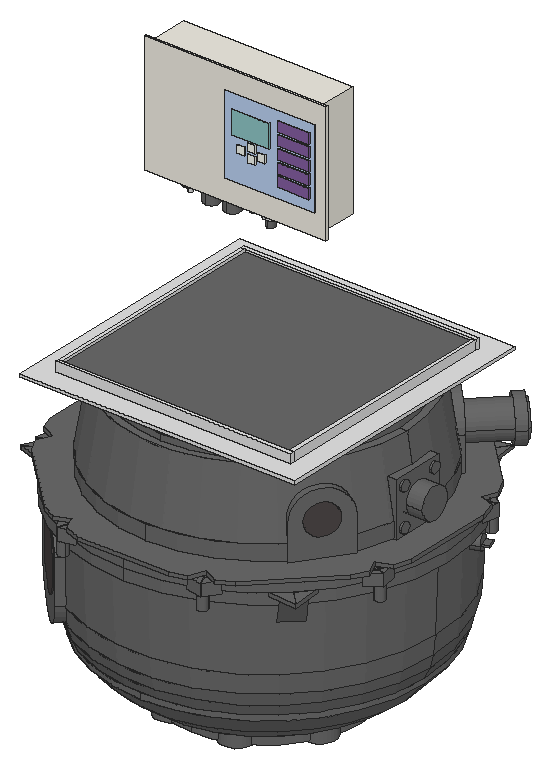
Revit family "280530s (200)", category Generic Models, Revit 2021 (continued)
Definition of nested family "280530s (200)_part2_X0Y0"
  Definition of nested family "280530s (200)_part2_content"
    Forms (mm)
      Extrusion 31, solid, detail levels medium+fine
        sketch origin (0, -33.5, 393.75) x (0, 1, 0) y (0, 0, 1)
          loop
            circle (0, 0) r 8
        from 0 to 250
      Extrusion 32, solid, detail levels medium+fine
        sketch origin (0, 0, 375.25) x (0.573577, 0.819152, 0) y (0, 0, 1)
          loop
            line (-45, 0) -> (-45, -55.25) -> (45, -55.25) -> (45, 0)
            arc (45, 0) -> (0, 45) -> (-45, 0) r 45
        from 0 to 245.5
      Extrusion 33, solid, detail levels medium+fine
        sketch origin (199.464, -139.666, 375.25) x (0.573577, 0.819152, 0) y (0, 0, 1)
          loop
            circle (0, 0) r 25
        from 0 to 2.25
      Extrusion 34, solid, detail levels medium+fine
        sketch origin (-53.002, 127.957, 0) x (-0.92388, -0.382683, 0) y (0.382683, -0.92388, 0)
          loop
            circle (0, 0) r 25
        from 0 to 28.5
      Extrusion 35, solid, detail levels medium+fine
        sketch origin (-127.957, -53.002, 0) x (0.382683, -0.92388, 0) y (0.92388, 0.382683, 0)
          loop
            circle (0, 0) r 25
        from 0 to 28.5
      Extrusion 36, solid, detail levels medium+fine
        sketch origin (53.002, -127.957, 0) x (0.92388, 0.382683, 0) y (-0.382683, 0.92388, 0)
          loop
            circle (0, 0) r 25
        from 0 to 28.5
      Extrusion 37, solid, detail levels medium+fine
        sketch origin (53.002, 127.957, 0) x (-0.923879, 0.382684, 0) y (-0.382684, -0.923879, 0)
          loop
            circle (0, 0) r 25
        from 0 to 28.5
      Extrusion 38, solid, detail levels medium+fine
        sketch origin (-127.957, 53.002, 0) x (-0.382684, -0.923879, 0) y (0.923879, -0.382684, 0)
          loop
            circle (0, 0) r 25
        from 0 to 28.5
      Extrusion 39, solid, detail levels medium+fine
        sketch origin (-53.002, -127.957, 0) x (0.923879, -0.382684, 0) y (0.382684, 0.923879, 0)
          loop
            circle (0, 0) r 25
        from 0 to 28.5
      Extrusion 40, solid, detail levels medium+fine
        sketch origin (127.957, -53.002, 0) x (0.382684, 0.923879, 0) y (-0.923879, 0.382684, 0)
          loop
            circle (0, 0) r 25
        from 0 to 28.5
      Extrusion 41, solid, detail levels medium+fine
        sketch origin (127.957, 53.002, 0) x (-0.382683, 0.92388, 0) y (-0.92388, -0.382683, 0)
          loop
            circle (0, 0) r 25
        from 0 to 28.5
      Extrusion 42, solid, detail levels medium+fine
        sketch origin (0, 0, 209) x (0, -1, 0) y (0, 0, 1)
          loop
            line (-72.693, 35.337) -> (-68.918, -37.767)
            arc (-68.918, -37.767) -> (-63.198, -56.139) -> (-50.593, -70.678) r 46.983
            line (-50.593, -70.678) -> (-49.193, -71.697)
            arc (-49.193, -71.697) -> (-25.794, -83.147) -> (0, -86.788) r 83.079
            arc (0, -86.788) -> (25.794, -83.147) -> (49.193, -71.697) r 83.079
            line (49.193, -71.697) -> (50.593, -70.678)
            arc (50.593, -70.678) -> (63.198, -56.139) -> (68.918, -37.767) r 46.983
            line (68.918, -37.767) -> (72.693, 35.337)
            arc (72.693, 35.337) -> (71.616, 38.805) -> (69.783, 41.939) r 15.989
            arc (69.783, 41.939) -> (60.032, 51.336) -> (48.652, 58.679) r 69.984
            line (48.652, 58.679) -> (47.252, 59.417)
            arc (47.252, 59.417) -> (24.369, 68.322) -> (0, 71.344) r 99.373
            arc (0, 71.344) -> (-24.369, 68.322) -> (-47.252, 59.417) r 99.373
            line (-47.252, 59.417) -> (-48.652, 58.679)
            arc (-48.652, 58.679) -> (-60.032, 51.336) -> (-69.783, 41.939) r 69.984
            arc (-69.783, 41.939) -> (-71.616, 38.805) -> (-72.693, 35.337) r 15.989
        from 0 to 277.5
      Extrusion 43, solid, detail levels medium+fine
        sketch origin (0, 0, 209) x (0, -1, 0) y (0, 0, 1)
          loop
            circle (0, 0) r 55
        from 0 to 326
      Extrusion 44, solid, detail levels medium+fine
        sketch origin (0, 0, 209) x (0.707107, -0.707107, 0) y (0, 0, 1)
          loop
            line (-72.693, 35.337) -> (-68.918, -37.767)
            arc (-68.918, -37.767) -> (-63.198, -56.139) -> (-50.593, -70.678) r 46.983
            line (-50.593, -70.678) -> (-49.193, -71.697)
            arc (-49.193, -71.697) -> (-25.794, -83.147) -> (0, -86.788) r 83.079
            arc (0, -86.788) -> (25.794, -83.147) -> (49.193, -71.697) r 83.079
            line (49.193, -71.697) -> (50.593, -70.678)
            arc (50.593, -70.678) -> (63.198, -56.139) -> (68.918, -37.767) r 46.983
            line (68.918, -37.767) -> (72.693, 35.337)
            arc (72.693, 35.337) -> (71.616, 38.805) -> (69.783, 41.939) r 15.989
            arc (69.783, 41.939) -> (60.032, 51.336) -> (48.652, 58.679) r 69.984
            line (48.652, 58.679) -> (47.252, 59.417)
            arc (47.252, 59.417) -> (24.369, 68.322) -> (0, 71.344) r 99.373
            arc (0, 71.344) -> (-24.369, 68.322) -> (-47.252, 59.417) r 99.373
            line (-47.252, 59.417) -> (-48.652, 58.679)
            arc (-48.652, 58.679) -> (-60.032, 51.336) -> (-69.783, 41.939) r 69.984
            arc (-69.783, 41.939) -> (-71.616, 38.805) -> (-72.693, 35.337) r 15.989
        from 0 to 277.5
      Extrusion 45, solid, detail levels medium+fine
        sketch origin (0, 0, 209) x (-0.707107, -0.707107, 0) y (0, 0, 1)
          loop
            line (-72.693, 35.337) -> (-68.918, -37.767)
            arc (-68.918, -37.767) -> (-63.198, -56.139) -> (-50.593, -70.678) r 46.983
            line (-50.593, -70.678) -> (-49.193, -71.697)
            arc (-49.193, -71.697) -> (-25.794, -83.147) -> (0, -86.788) r 83.079
            arc (0, -86.788) -> (25.794, -83.147) -> (49.193, -71.697) r 83.079
            line (49.193, -71.697) -> (50.593, -70.678)
            arc (50.593, -70.678) -> (63.198, -56.139) -> (68.918, -37.767) r 46.983
            line (68.918, -37.767) -> (72.693, 35.337)
            arc (72.693, 35.337) -> (71.616, 38.805) -> (69.783, 41.939) r 15.989
            arc (69.783, 41.939) -> (60.032, 51.336) -> (48.652, 58.679) r 69.984
            line (48.652, 58.679) -> (47.252, 59.417)
            arc (47.252, 59.417) -> (24.369, 68.322) -> (0, 71.344) r 99.373
            arc (0, 71.344) -> (-24.369, 68.322) -> (-47.252, 59.417) r 99.373
            line (-47.252, 59.417) -> (-48.652, 58.679)
            arc (-48.652, 58.679) -> (-60.032, 51.336) -> (-69.783, 41.939) r 69.984
            arc (-69.783, 41.939) -> (-71.616, 38.805) -> (-72.693, 35.337) r 15.989
        from 0 to 277.5
      Extrusion 46, solid, detail levels medium+fine
        sketch origin (-194.808, -194.808, 209) x (0.707107, -0.707107, 0) y (0, 0, 1)
          loop
            circle (0, 0) r 50.1
        from 0 to 2.25
      Extrusion 47, solid, detail levels medium+fine
        sketch origin (-194.808, 194.808, 209) x (-0.707107, -0.707107, 0) y (0, 0, 1)
          loop
            circle (0, 0) r 50.1
        from 0 to 2.25
      Extrusion 48, solid, detail levels medium+fine
        sketch origin (3.25, -5.129, 264.5) x (-0.34202, 0.939693, 0) y (0, 0, 1)
          loop
            circle (0, 0) r 11
        from 0 to 288
      Extrusion 49, solid, detail levels medium+fine
        sketch origin (7.75, -12.923, 263) x (-0.34202, 0.939693, 0) y (0, 0, 1)
          loop
            line (0, 3) -> (0, 0) -> (18, 0) -> (18, 3) -> (0, 3)
        from 0 to 298
      Extrusion 50, solid, detail levels medium+fine
        sketch origin (272.082, 112.7, 273) x (-0.382683, 0.92388, 0) y (-0.92388, -0.382683, 0)
          loop
            circle (0, 0) r 7.75
        from 0 to 21.5
      Extrusion 51, solid, detail levels medium+fine
        sketch origin (265.153, 109.83, 314) x (0.92388, 0.382683, 0) y (0.382683, -0.92388, 0)
          loop
            line (17, 0) -> (0, 0) -> (0, -25) -> (17, 0)
        from 0 to 19.5
      Extrusion 52, solid, detail levels medium+fine
        sketch origin (265.153, 109.83, 294.5) x (0.382683, -0.92388, 0) y (0.92388, 0.382683, 0)
          loop
            line (0, 17) -> (0, 0) -> (25, 0) -> (0, 17)
        from 0 to 19.5
      Extrusion 53, solid, detail levels medium+fine
        sketch origin (220.165, 220.165, 370) x (-0.707107, 0.707107, 0) y (0, 0, 1)
          loop
            circle (0, 0) r 34.75
        from 0 to 15.7
      Extrusion 54, solid, detail levels medium+fine
        sketch origin (230.559, 230.559, 370) x (-0.707107, 0.707107, 0) y (0, 0, 1)
          loop
            circle (0, 0) r 27.7
        from 0 to 4.8
      Extrusion 55, solid, detail levels medium+fine
        sketch origin (232.539, 232.539, 370) x (-0.707107, 0.707107, 0) y (0, 0, 1)
          loop
            circle (0, 0) r 20
        from 0 to 2.2
      Extrusion 56, solid, detail levels medium+fine
        sketch origin (225.609, 239.752, 364) x (-0.707107, 0.707107, 0) y (0, 0, 1)
          loop
            circle (0, 0) r 4.2
        from 0 to 2.3
      Extrusion 57, solid, detail levels medium+fine
        sketch origin (239.752, 225.609, 364) x (-0.707107, 0.707107, 0) y (0, 0, 1)
          loop
            circle (0, 0) r 4.2
        from 0 to 2.3
      Extrusion 58, solid, detail levels medium+fine
        sketch origin (239.752, 225.609, 376) x (-0.707107, 0.707107, 0) y (0, 0, 1)
          loop
            circle (0, 0) r 4.2
        from 0 to 2.3
      Extrusion 59, solid, detail levels medium+fine
        sketch origin (225.609, 239.752, 376) x (-0.707107, 0.707107, 0) y (0, 0, 1)
          loop
            circle (0, 0) r 4.2
        from 0 to 2.3
      Extrusion 60, solid, detail levels medium+fine
        sketch origin (-259.107, -87.843, 294.5) x (-0.92388, -0.382683, 0) y (0, 0, -1)
          loop
            line (0, 48.5) -> (0, 0) -> (29.9, 0) -> (0, 48.5)
        from 0 to 36
      Extrusion 61, solid, detail levels medium+fine
        sketch origin (-272.082, -112.7, 273) x (0.382683, -0.92388, 0) y (0.92388, 0.382683, 0)
          loop
            circle (0, 0) r 7.75
        from 0 to 21.5
      Extrusion 62, solid, detail levels medium+fine
        sketch origin (-265.153, -109.83, 300) x (-0.92388, -0.382683, 0) y (-0.382683, 0.92388, 0)
          loop
            line (36.5, 0) -> (0, 0) -> (0, -32) -> (36.5, 0)
        from 0 to 5.5
      Extrusion 63, solid, detail levels medium+fine
        sketch origin (-265.153, -109.83, 314) x (-0.92388, -0.382683, 0) y (-0.382683, 0.92388, 0)
          loop
            line (17, 0) -> (0, 0) -> (0, -25) -> (17, 0)
        from 0 to 14
      Extrusion 64, solid, detail levels medium+fine
        sketch origin (-265.153, -109.83, 294.5) x (-0.382683, 0.92388, 0) y (-0.92388, -0.382683, 0)
          loop
            line (0, 36.5) -> (0, 0) -> (32, 0) -> (0, 36.5)
        from 0 to 5.5
      Extrusion 65, solid, detail levels medium+fine
        sketch origin (-265.153, -109.83, 300) x (-0.382683, 0.92388, 0) y (-0.92388, -0.382683, 0)
          loop
            line (0, 17) -> (0, 0) -> (25, 0) -> (0, 17)
        from 0 to 14
      Extrusion 66, solid, detail levels medium+fine
        sketch origin (-245.331, 121.102, 294.5) x (-0.923879, 0.382684, 0) y (0, 0, -1)
          loop
            line (0, 48.5) -> (0, 0) -> (29.9, 0) -> (0, 48.5)
        from 0 to 36
      Extrusion 67, solid, detail levels medium+fine
        sketch origin (-272.082, 112.7, 273) x (-0.382684, -0.923879, 0) y (0.923879, -0.382684, 0)
          loop
            circle (0, 0) r 7.75
        from 0 to 21.5
      Extrusion 68, solid, detail levels medium+fine
        sketch origin (-265.153, 109.83, 300) x (-0.923879, 0.382684, 0) y (0.382684, 0.923879, 0)
          loop
            line (36.5, 0) -> (0, 0) -> (0, -32) -> (36.5, 0)
        from 0 to 5.5
      Extrusion 69, solid, detail levels medium+fine
        sketch origin (-265.153, 109.83, 314) x (-0.923879, 0.382684, 0) y (0.382684, 0.923879, 0)
          loop
            line (17, 0) -> (0, 0) -> (0, -25) -> (17, 0)
        from 0 to 14
      Extrusion 70, solid, detail levels medium+fine
        sketch origin (-265.153, 109.83, 294.5) x (0.382684, 0.923879, 0) y (-0.923879, 0.382684, 0)
          loop
            line (0, 36.5) -> (0, 0) -> (32, 0) -> (0, 36.5)
        from 0 to 5.5
      Extrusion 71, solid, detail levels medium+fine
        sketch origin (-265.153, 109.83, 300) x (0.382684, 0.923879, 0) y (-0.923879, 0.382684, 0)
          loop
            line (0, 17) -> (0, 0) -> (25, 0) -> (0, 17)
        from 0 to 14
      Extrusion 72, solid, detail levels medium+fine
        sketch origin (-190, 184, 473.5) x (0, 1, 0) y (0, 0, 1)
          loop
            line (0, 15) -> (0, 0) -> (6, 0) -> (6, 15) -> (0, 15)
        from 0 to 380
      Extrusion 73, solid, detail levels medium+fine
        sketch origin (-190, -190, 473.5) x (0, 1, 0) y (0, 0, 1)
          loop
            line (0, 15) -> (0, 0) -> (6, 0) -> (6, 15) -> (0, 15)
        from 0 to 380
      Extrusion 74, solid, detail levels medium+fine
        sketch origin (-190, -184, 473.5) x (0, 1, 0) y (0, 0, 1)
          loop
            line (0, 15) -> (0, 0) -> (368, 0) -> (368, 15) -> (0, 15)
        from 0 to 6
      Extrusion 75, solid, detail levels medium+fine
        sketch origin (184, -184, 473.5) x (0, 1, 0) y (0, 0, 1)
          loop
            line (0, 15) -> (0, 0) -> (368, 0) -> (368, 15) -> (0, 15)
        from 0 to 6
      Extrusion 76, solid, detail levels medium+fine
        sketch origin (180.312, -205.768, 294.5) x (0.707106, -0.707107, 0) y (0, 0, -1)
          loop
            line (0, 48.5) -> (0, 0) -> (29.9, 0) -> (0, 48.5)
        from 0 to 36
      Extrusion 77, solid, detail levels medium+fine
        sketch origin (202.939, -202.939, 300) x (0.707106, -0.707107, 0) y (-0.707107, -0.707106, 0)
          loop
            line (36.5, 0) -> (0, 0) -> (0, -32) -> (36.5, 0)
        from 0 to 5.5
      Extrusion 78, solid, detail levels medium+fine
        sketch origin (202.939, -202.939, 294.5) x (-0.707107, -0.707106, 0) y (0.707106, -0.707107, 0)
          loop
            line (0, 36.5) -> (0, 0) -> (32, 0) -> (0, 36.5)
        from 0 to 5.5
      Extrusion 79, solid, detail levels medium+fine
        sketch origin (171.331, 213.304, 294.5) x (0.573577, 0.819151, 0) y (0, 0, -1)
          loop
            line (0, 48.5) -> (0, 0) -> (29.9, 0) -> (0, 48.5)
        from 0 to 36
      Extrusion 80, solid, detail levels medium+fine
        sketch origin (164.616, 235.097, 294.5) x (0.819151, -0.573577, 0) y (0.573577, 0.819151, 0)
          loop
            line (0, 36.5) -> (0, 0) -> (32, 0) -> (0, 36.5)
        from 0 to 5.5
      Extrusion 81, solid, detail levels medium+fine
        sketch origin (164.616, 235.097, 300) x (0.573577, 0.819151, 0) y (0.819151, -0.573577, 0)
          loop
            line (36.5, 0) -> (0, 0) -> (0, -32) -> (36.5, 0)
        from 0 to 5.5
      Extrusion 82, solid, detail levels medium+fine
        sketch origin (109.83, 265.153, 294.5) x (0.923879, -0.382684, 0) y (0.382684, 0.923879, 0)
          loop
            line (0, 17) -> (0, 0) -> (25, 0) -> (0, 17)
        from 0 to 19.5
      Extrusion 83, solid, detail levels medium+fine
        sketch origin (112.7, 272.082, 273) x (-0.923879, 0.382684, 0) y (-0.382684, -0.923879, 0)
          loop
            circle (0, 0) r 7.75
        from 0 to 21.5
      Extrusion 84, solid, detail levels medium+fine
        sketch origin (109.83, 265.153, 314) x (0.382684, 0.923879, 0) y (0.923879, -0.382684, 0)
          loop
            line (17, 0) -> (0, 0) -> (0, -25) -> (17, 0)
        from 0 to 19.5
      Extrusion 85, solid, detail levels medium+fine
        sketch origin (-112.7, 272.082, 273) x (-0.92388, -0.382683, 0) y (0.382683, -0.92388, 0)
          loop
            circle (0, 0) r 7.75
        from 0 to 21.5
      Extrusion 86, solid, detail levels medium+fine
        sketch origin (-109.83, 265.153, 314) x (-0.382683, 0.92388, 0) y (0.92388, 0.382683, 0)
          loop
            line (17, 0) -> (0, 0) -> (0, -25) -> (17, 0)
        from 0 to 19.5
      Extrusion 87, solid, detail levels medium+fine
        sketch origin (-109.83, 265.153, 294.5) x (0.92388, 0.382683, 0) y (-0.382683, 0.92388, 0)
          loop
            line (0, 17) -> (0, 0) -> (25, 0) -> (0, 17)
        from 0 to 19.5
      Extrusion 88, solid, detail levels medium+fine
        sketch origin (272.082, -112.7, 273) x (0.382684, 0.923879, 0) y (-0.923879, 0.382684, 0)
          loop
            circle (0, 0) r 7.75
        from 0 to 21.5
      Extrusion 89, solid, detail levels medium+fine
        sketch origin (265.153, -109.83, 294.5) x (-0.382684, -0.923879, 0) y (0.923879, -0.382684, 0)
          loop
            line (0, 17) -> (0, 0) -> (25, 0) -> (0, 17)
        from 0 to 19.5
      Extrusion 90, solid, detail levels medium+fine
        sketch origin (265.153, -109.83, 314) x (0.923879, -0.382684, 0) y (-0.382684, -0.923879, 0)
          loop
            line (17, 0) -> (0, 0) -> (0, -25) -> (17, 0)
        from 0 to 19.5
      Extrusion 91, solid, detail levels medium+fine
        sketch origin (112.7, -272.082, 273) x (0.92388, 0.382683, 0) y (-0.382683, 0.92388, 0)
          loop
            circle (0, 0) r 7.75
        from 0 to 21.5
      Extrusion 92, solid, detail levels medium+fine
        sketch origin (109.83, -265.153, 314) x (0.382683, -0.92388, 0) y (-0.92388, -0.382683, 0)
          loop
            line (17, 0) -> (0, 0) -> (0, -25) -> (17, 0)
        from 0 to 19.5
      Extrusion 93, solid, detail levels medium+fine
        sketch origin (109.83, -265.153, 294.5) x (-0.92388, -0.382683, 0) y (0.382683, -0.92388, 0)
          loop
            line (0, 17) -> (0, 0) -> (25, 0) -> (0, 17)
        from 0 to 19.5
      Extrusion 94, solid, detail levels medium+fine
        sketch origin (-112.7, -272.082, 273) x (0.923879, -0.382684, 0) y (0.382684, 0.923879, 0)
          loop
            circle (0, 0) r 7.75
        from 0 to 21.5
      Extrusion 95, solid, detail levels medium+fine
        sketch origin (-109.83, -265.153, 294.5) x (-0.923879, 0.382684, 0) y (-0.382684, -0.923879, 0)
          loop
            line (0, 17) -> (0, 0) -> (25, 0) -> (0, 17)
        from 0 to 19.5
      Extrusion 96, solid, detail levels medium+fine
        sketch origin (-109.83, -265.153, 314) x (-0.382684, -0.923879, 0) y (-0.923879, 0.382684, 0)
          loop
            line (17, 0) -> (0, 0) -> (0, -25) -> (17, 0)
        from 0 to 19.5
      Extrusion 97, solid, detail levels coarse
        sketch origin (-17.478, 0, 0) x (1, 0, 0) y (0, 1, 0)
          loop
            line (-308.522, -291.044) -> (308.522, -291.044) -> (308.522, 291.044) -> (-308.522, 291.044) -> (-308.522, -291.044)
        from 0 to 488.5
    Dimensions and locks
      aligned and locked: level to plane 2
